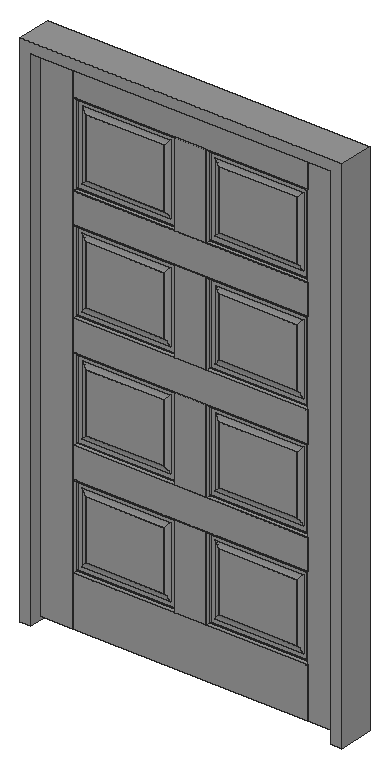
Revit family "I12008P", category Doors, host Wall, Revit 2015
Parameters (values of type "I12008P")
  Function = Interior
  Frame Projection Ext. = 25 mm
  Frame Projection Int. = 25 mm
  Frame Width = 75 mm
  Height = 2090 mm
  Wall Closure = By host
  Width = 1284 mm
Reference planes
  plane 1: y = 0
  plane 2 "Center (Left/Right)": x = 0
  plane 3 "Left": x = -642
  plane 4 "Right": x = 642
  plane 5: z = 2090
  plane 6 "Exterior": y = 75
  plane 7 "Interior": y = -75
Forms (mm)
  Sweep 1, solid, material "Lauan, Meranti"
    path origin (0, 75, 0) x (1, 0, 0) y (0, 0, 1)
      loop
        line (642, 0) -> (642, 2090) -> (-642, 2090) -> (-642, 0)
    profile "Van Acht 140x42 Pivot Door Frame Profile : Van Acht 140x42 Pivot Door Frame Profile" origin (642, 75, 1045) x (-1, 0, 0) y (0, -1, 0)
      loop
        line (0, 5) -> (42, 5) -> (42, 145) -> (0, 145) -> (0, 5)
  Extrusion 2, solid, material "Lauan, Meranti"
    sketch origin (193.5, -112.5, -4) x (0, 1, 0) y (0, 0, 1)
      loop
        line (122.5, 230) -> (122.5, 215) -> (102.5, 215) -> (102.5, 230) -> (98, 230) -> (98, 228)
        arc (98, 228) -> (93.634, 225.67) -> (92, 221) r 6.807
        line (92, 221) -> (90, 221) -> (90, 20) -> (135, 20) -> (135, 221) -> (133, 221)
        arc (133, 221) -> (131.366, 225.67) -> (127, 228) r 6.807
        line (127, 228) -> (127, 230) -> (122.5, 230)
      loop
        line (122.5, 560.5) -> (122.5, 545.5) -> (127, 545.5) -> (127, 547.5)
        arc (127, 547.5) -> (131.366, 549.83) -> (133, 554.5) r 6.807
        line (133, 554.5) -> (135, 554.5) -> (135, 676.5) -> (133, 676.5)
        arc (133, 676.5) -> (131.366, 681.17) -> (127, 683.5) r 6.807
        line (127, 683.5) -> (127, 685.5) -> (122.5, 685.5) -> (122.5, 670.5) -> (102.5, 670.5) -> (102.5, 685.5) -> (98, 685.5) -> (98, 683.5)
        arc (98, 683.5) -> (93.634, 681.17) -> (92, 676.5) r 6.807
        line (92, 676.5) -> (90, 676.5) -> (90, 554.5) -> (92, 554.5)
        arc (92, 554.5) -> (93.634, 549.83) -> (98, 547.5) r 6.807
        line (98, 547.5) -> (98, 545.5) -> (102.5, 545.5) -> (102.5, 560.5) -> (122.5, 560.5)
      loop
        line (122.5, 1927) -> (122.5, 1912) -> (127, 1912) -> (127, 1914)
        arc (127, 1914) -> (131.366, 1916.33) -> (133, 1921) r 6.807
        line (133, 1921) -> (135, 1921) -> (135, 2052) -> (90, 2052) -> (90, 1921) -> (92, 1921)
        arc (92, 1921) -> (93.634, 1916.33) -> (98, 1914) r 6.807
        line (98, 1914) -> (98, 1912) -> (102.5, 1912) -> (102.5, 1927) -> (122.5, 1927)
      loop
        line (122.5, 1016) -> (122.5, 1001) -> (127, 1001) -> (127, 1003)
        arc (127, 1003) -> (131.366, 1005.33) -> (133, 1010) r 6.807
        line (133, 1010) -> (135, 1010) -> (135, 1132) -> (133, 1132)
        arc (133, 1132) -> (131.366, 1136.67) -> (127, 1139) r 6.807
        line (127, 1139) -> (127, 1141) -> (122.5, 1141) -> (122.5, 1126) -> (102.5, 1126) -> (102.5, 1141) -> (98, 1141) -> (98, 1139)
        arc (98, 1139) -> (93.634, 1136.67) -> (92, 1132) r 6.807
        line (92, 1132) -> (90, 1132) -> (90, 1010) -> (92, 1010)
        arc (92, 1010) -> (93.634, 1005.33) -> (98, 1003) r 6.807
        line (98, 1003) -> (98, 1001) -> (102.5, 1001) -> (102.5, 1016) -> (122.5, 1016)
      loop
        line (122.5, 1471.5) -> (122.5, 1456.5) -> (127, 1456.5) -> (127, 1458.5)
        arc (127, 1458.5) -> (131.366, 1460.83) -> (133, 1465.5) r 6.807
        line (133, 1465.5) -> (135, 1465.5) -> (135, 1587.5) -> (133, 1587.5)
        arc (133, 1587.5) -> (131.366, 1592.17) -> (127, 1594.5) r 6.807
        line (127, 1594.5) -> (127, 1596.5) -> (122.5, 1596.5) -> (122.5, 1581.5) -> (102.5, 1581.5) -> (102.5, 1596.5) -> (98, 1596.5) -> (98, 1594.5)
        arc (98, 1594.5) -> (93.634, 1592.17) -> (92, 1587.5) r 6.807
        line (92, 1587.5) -> (90, 1587.5) -> (90, 1465.5) -> (92, 1465.5)
        arc (92, 1465.5) -> (93.634, 1460.83) -> (98, 1458.5) r 6.807
        line (98, 1458.5) -> (98, 1456.5) -> (102.5, 1456.5) -> (102.5, 1471.5) -> (122.5, 1471.5)
    from -662.5 to 275.5
  Extrusion 3, solid, material "Lauan, Meranti"
    sketch origin (193.5, -27.5, -4) x (1, 0, 0) y (0, 1, 0)
      loop
        line (-793.5, 50) -> (-793.5, 5) -> (-662.5, 5) -> (-662.5, 7)
        arc (-662.5, 7) -> (-657.765, 8.56) -> (-655.5, 13) r 6.549
        line (-655.5, 13) -> (-653.5, 13) -> (-653.5, 17.5) -> (-668.5, 17.5) -> (-668.5, 37.5) -> (-653.5, 37.5) -> (-653.5, 42) -> (-655.5, 42)
        arc (-655.5, 42) -> (-657.765, 46.44) -> (-662.5, 48) r 6.549
        line (-662.5, 48) -> (-662.5, 50) -> (-793.5, 50)
      loop
        line (406.5, 50) -> (275.5, 50) -> (275.5, 48)
        arc (275.5, 48) -> (270.765, 46.44) -> (268.5, 42) r 6.549
        line (268.5, 42) -> (266.5, 42) -> (266.5, 37.5) -> (281.5, 37.5) -> (281.5, 17.5) -> (266.5, 17.5) -> (266.5, 13) -> (268.5, 13)
        arc (268.5, 13) -> (270.765, 8.56) -> (275.5, 7) r 6.549
        line (275.5, 7) -> (275.5, 5) -> (406.5, 5) -> (406.5, 50)
    from 20 to 2052
  Sweep 4, solid, material "Lauan, Meranti"
    path origin (193.5, 47.5, -4) x (1, 0, 0) y (0, 0, 1)
      loop
        line (275.5, 1921) -> (-132.5, 1921) -> (-132.5, 1587.5) -> (275.5, 1587.5) -> (275.5, 1921)
    profile origin (265, 47.5, 1917) x (0, 0, -1) y (0, -1, 0)
      loop
        line (-4.5, 57.5) -> (-4.5, 37.5) -> (25.727, 37.5)
        arc (25.727, 37.5) -> (37.468, 35.847) -> (48.5, 31.5) r 50.456
        line (48.5, 31.5) -> (48.5, 63.5)
        arc (48.5, 63.5) -> (37.468, 59.153) -> (25.727, 57.5) r 50.456
        line (25.727, 57.5) -> (-4.5, 57.5)
  Extrusion 5, solid, material "Lauan, Meranti"
    sketch origin (193.5, 47.5, 711) x (1, 0, 0) y (0, 0, 1)
      loop
        line (227, 1157.5) -> (-84, 1157.5) -> (-84, 921) -> (227, 921) -> (227, 1157.5)
    from 31.5 to 63.5
  Extrusion 6, solid, material "Lauan, Meranti"
    sketch origin (0, 0, 0) x (1, 0, 0) y (0, 1, 0)
      loop
        arc (61, -20.5) -> (65.735, -18.94) -> (68, -14.5) r 6.549
        line (68, -14.5) -> (70, -14.5) -> (70, -10) -> (55, -10) -> (55, 10) -> (70, 10) -> (70, 14.5) -> (68, 14.5)
        arc (68, 14.5) -> (65.735, 18.94) -> (61, 20.5) r 6.549
        line (61, 20.5) -> (61, 22.5) -> (-61, 22.5) -> (-61, 20.5)
        arc (-61, 20.5) -> (-65.735, 18.94) -> (-68, 14.5) r 6.549
        line (-68, 14.5) -> (-70, 14.5) -> (-70, 10) -> (-55, 10) -> (-55, -10) -> (-70, -10) -> (-70, -14.5) -> (-68, -14.5)
        arc (-68, -14.5) -> (-65.735, -18.94) -> (-61, -20.5) r 6.549
        line (-61, -20.5) -> (-61, -22.5) -> (61, -22.5) -> (61, -20.5)
    from 217 to 550.5
  Extrusion 7, solid, material "Lauan, Meranti"
    sketch origin (0, 0, 455.5) x (1, 0, 0) y (0, 1, 0)
      loop
        arc (61, -20.5) -> (65.735, -18.94) -> (68, -14.5) r 6.549
        line (68, -14.5) -> (70, -14.5) -> (70, -10) -> (55, -10) -> (55, 10) -> (70, 10) -> (70, 14.5) -> (68, 14.5)
        arc (68, 14.5) -> (65.735, 18.94) -> (61, 20.5) r 6.549
        line (61, 20.5) -> (61, 22.5) -> (-61, 22.5) -> (-61, 20.5)
        arc (-61, 20.5) -> (-65.735, 18.94) -> (-68, 14.5) r 6.549
        line (-68, 14.5) -> (-70, 14.5) -> (-70, 10) -> (-55, 10) -> (-55, -10) -> (-70, -10) -> (-70, -14.5) -> (-68, -14.5)
        arc (-68, -14.5) -> (-65.735, -18.94) -> (-61, -20.5) r 6.549
        line (-61, -20.5) -> (-61, -22.5) -> (61, -22.5) -> (61, -20.5)
    from 217 to 550.5
  Extrusion 8, solid, material "Lauan, Meranti"
    sketch origin (0, 0, 911) x (1, 0, 0) y (0, 1, 0)
      loop
        arc (61, -20.5) -> (65.735, -18.94) -> (68, -14.5) r 6.549
        line (68, -14.5) -> (70, -14.5) -> (70, -10) -> (55, -10) -> (55, 10) -> (70, 10) -> (70, 14.5) -> (68, 14.5)
        arc (68, 14.5) -> (65.735, 18.94) -> (61, 20.5) r 6.549
        line (61, 20.5) -> (61, 22.5) -> (-61, 22.5) -> (-61, 20.5)
        arc (-61, 20.5) -> (-65.735, 18.94) -> (-68, 14.5) r 6.549
        line (-68, 14.5) -> (-70, 14.5) -> (-70, 10) -> (-55, 10) -> (-55, -10) -> (-70, -10) -> (-70, -14.5) -> (-68, -14.5)
        arc (-68, -14.5) -> (-65.735, -18.94) -> (-61, -20.5) r 6.549
        line (-61, -20.5) -> (-61, -22.5) -> (61, -22.5) -> (61, -20.5)
    from 217 to 550.5
  Extrusion 9, solid, material "Lauan, Meranti"
    sketch origin (0, 0, 1366.5) x (1, 0, 0) y (0, 1, 0)
      loop
        arc (61, -20.5) -> (65.735, -18.94) -> (68, -14.5) r 6.549
        line (68, -14.5) -> (70, -14.5) -> (70, -10) -> (55, -10) -> (55, 10) -> (70, 10) -> (70, 14.5) -> (68, 14.5)
        arc (68, 14.5) -> (65.735, 18.94) -> (61, 20.5) r 6.549
        line (61, 20.5) -> (61, 22.5) -> (-61, 22.5) -> (-61, 20.5)
        arc (-61, 20.5) -> (-65.735, 18.94) -> (-68, 14.5) r 6.549
        line (-68, 14.5) -> (-70, 14.5) -> (-70, 10) -> (-55, 10) -> (-55, -10) -> (-70, -10) -> (-70, -14.5) -> (-68, -14.5)
        arc (-68, -14.5) -> (-65.735, -18.94) -> (-61, -20.5) r 6.549
        line (-61, -20.5) -> (-61, -22.5) -> (61, -22.5) -> (61, -20.5)
    from 217 to 550.5
  Sweep 10, solid, material "Lauan, Meranti"
    path origin (-336.5, 47.5, -4) x (1, 0, 0) y (0, 0, 1)
      loop
        line (275.5, 1921) -> (-132.5, 1921) -> (-132.5, 1587.5) -> (275.5, 1587.5) -> (275.5, 1921)
    profile origin (-265, 47.5, 1917) x (0, 0, -1) y (0, -1, 0)
      loop
        line (-4.5, 57.5) -> (-4.5, 37.5) -> (25.727, 37.5)
        arc (25.727, 37.5) -> (37.468, 35.847) -> (48.5, 31.5) r 50.456
        line (48.5, 31.5) -> (48.5, 63.5)
        arc (48.5, 63.5) -> (37.468, 59.153) -> (25.727, 57.5) r 50.456
        line (25.727, 57.5) -> (-4.5, 57.5)
  Extrusion 11, solid, material "Lauan, Meranti"
    sketch origin (-336.5, 47.5, 711) x (1, 0, 0) y (0, 0, 1)
      loop
        line (227, 1157.5) -> (-84, 1157.5) -> (-84, 921) -> (227, 921) -> (227, 1157.5)
    from 31.5 to 63.5
  Sweep 12, solid, material "Lauan, Meranti"
    path origin (193.5, 47.5, -459.5) x (1, 0, 0) y (0, 0, 1)
      loop
        line (275.5, 1921) -> (-132.5, 1921) -> (-132.5, 1587.5) -> (275.5, 1587.5) -> (275.5, 1921)
    profile origin (265, 47.5, 1461.5) x (0, 0, -1) y (0, -1, 0)
      loop
        line (-4.5, 57.5) -> (-4.5, 37.5) -> (25.727, 37.5)
        arc (25.727, 37.5) -> (37.468, 35.847) -> (48.5, 31.5) r 50.456
        line (48.5, 31.5) -> (48.5, 63.5)
        arc (48.5, 63.5) -> (37.468, 59.153) -> (25.727, 57.5) r 50.456
        line (25.727, 57.5) -> (-4.5, 57.5)
  Extrusion 13, solid, material "Lauan, Meranti"
    sketch origin (193.5, 47.5, 255.5) x (1, 0, 0) y (0, 0, 1)
      loop
        line (227, 1157.5) -> (-84, 1157.5) -> (-84, 921) -> (227, 921) -> (227, 1157.5)
    from 31.5 to 63.5
  Sweep 14, solid, material "Lauan, Meranti"
    path origin (-336.5, 47.5, -459.5) x (1, 0, 0) y (0, 0, 1)
      loop
        line (275.5, 1921) -> (-132.5, 1921) -> (-132.5, 1587.5) -> (275.5, 1587.5) -> (275.5, 1921)
    profile origin (-265, 47.5, 1461.5) x (0, 0, -1) y (0, -1, 0)
      loop
        line (-4.5, 57.5) -> (-4.5, 37.5) -> (25.727, 37.5)
        arc (25.727, 37.5) -> (37.468, 35.847) -> (48.5, 31.5) r 50.456
        line (48.5, 31.5) -> (48.5, 63.5)
        arc (48.5, 63.5) -> (37.468, 59.153) -> (25.727, 57.5) r 50.456
        line (25.727, 57.5) -> (-4.5, 57.5)
  Extrusion 15, solid, material "Lauan, Meranti"
    sketch origin (-336.5, 47.5, 255.5) x (1, 0, 0) y (0, 0, 1)
      loop
        line (227, 1157.5) -> (-84, 1157.5) -> (-84, 921) -> (227, 921) -> (227, 1157.5)
    from 31.5 to 63.5
  Sweep 16, solid, material "Lauan, Meranti"
    path origin (-336.5, 47.5, -915) x (1, 0, 0) y (0, 0, 1)
      loop
        line (275.5, 1921) -> (-132.5, 1921) -> (-132.5, 1587.5) -> (275.5, 1587.5) -> (275.5, 1921)
    profile origin (-265, 47.5, 1006) x (0, 0, -1) y (0, -1, 0)
      loop
        line (-4.5, 57.5) -> (-4.5, 37.5) -> (25.727, 37.5)
        arc (25.727, 37.5) -> (37.468, 35.847) -> (48.5, 31.5) r 50.456
        line (48.5, 31.5) -> (48.5, 63.5)
        arc (48.5, 63.5) -> (37.468, 59.153) -> (25.727, 57.5) r 50.456
        line (25.727, 57.5) -> (-4.5, 57.5)
  Extrusion 17, solid, material "Lauan, Meranti"
    sketch origin (-336.5, 47.5, -200) x (1, 0, 0) y (0, 0, 1)
      loop
        line (227, 1157.5) -> (-84, 1157.5) -> (-84, 921) -> (227, 921) -> (227, 1157.5)
    from 31.5 to 63.5
  Sweep 18, solid, material "Lauan, Meranti"
    path origin (193.5, 47.5, -915) x (1, 0, 0) y (0, 0, 1)
      loop
        line (275.5, 1921) -> (-132.5, 1921) -> (-132.5, 1587.5) -> (275.5, 1587.5) -> (275.5, 1921)
    profile origin (265, 47.5, 1006) x (0, 0, -1) y (0, -1, 0)
      loop
        line (-4.5, 57.5) -> (-4.5, 37.5) -> (25.727, 37.5)
        arc (25.727, 37.5) -> (37.468, 35.847) -> (48.5, 31.5) r 50.456
        line (48.5, 31.5) -> (48.5, 63.5)
        arc (48.5, 63.5) -> (37.468, 59.153) -> (25.727, 57.5) r 50.456
        line (25.727, 57.5) -> (-4.5, 57.5)
  Extrusion 19, solid, material "Lauan, Meranti"
    sketch origin (193.5, 47.5, -200) x (1, 0, 0) y (0, 0, 1)
      loop
        line (227, 1157.5) -> (-84, 1157.5) -> (-84, 921) -> (227, 921) -> (227, 1157.5)
    from 31.5 to 63.5
  Sweep 20, solid, material "Lauan, Meranti"
    path origin (193.5, 47.5, -1370.5) x (1, 0, 0) y (0, 0, 1)
      loop
        line (275.5, 1921) -> (-132.5, 1921) -> (-132.5, 1587.5) -> (275.5, 1587.5) -> (275.5, 1921)
    profile origin (265, 47.5, 550.5) x (0, 0, -1) y (0, -1, 0)
      loop
        line (-4.5, 57.5) -> (-4.5, 37.5) -> (25.727, 37.5)
        arc (25.727, 37.5) -> (37.468, 35.847) -> (48.5, 31.5) r 50.456
        line (48.5, 31.5) -> (48.5, 63.5)
        arc (48.5, 63.5) -> (37.468, 59.153) -> (25.727, 57.5) r 50.456
        line (25.727, 57.5) -> (-4.5, 57.5)
  Extrusion 21, solid, material "Lauan, Meranti"
    sketch origin (193.5, 47.5, -655.5) x (1, 0, 0) y (0, 0, 1)
      loop
        line (227, 1157.5) -> (-84, 1157.5) -> (-84, 921) -> (227, 921) -> (227, 1157.5)
    from 31.5 to 63.5
  Sweep 22, solid, material "Lauan, Meranti"
    path origin (-336.5, 47.5, -1370.5) x (1, 0, 0) y (0, 0, 1)
      loop
        line (275.5, 1921) -> (-132.5, 1921) -> (-132.5, 1587.5) -> (275.5, 1587.5) -> (275.5, 1921)
    profile origin (-265, 47.5, 550.5) x (0, 0, -1) y (0, -1, 0)
      loop
        line (-4.5, 57.5) -> (-4.5, 37.5) -> (25.727, 37.5)
        arc (25.727, 37.5) -> (37.468, 35.847) -> (48.5, 31.5) r 50.456
        line (48.5, 31.5) -> (48.5, 63.5)
        arc (48.5, 63.5) -> (37.468, 59.153) -> (25.727, 57.5) r 50.456
        line (25.727, 57.5) -> (-4.5, 57.5)
  Extrusion 23, solid, material "Lauan, Meranti"
    sketch origin (-336.5, 47.5, -655.5) x (1, 0, 0) y (0, 0, 1)
      loop
        line (227, 1157.5) -> (-84, 1157.5) -> (-84, 921) -> (227, 921) -> (227, 1157.5)
    from 31.5 to 63.5
Lines and regions (mm)
  Opening 1
    outline origin (-3050, -75, 0) x (1, 0, 0) y (0, 0, 1)
      loop
        line (2408, 0) -> (3692, 0) -> (3692, 2090) -> (2408, 2090) -> (2408, 0)
  symbolic lines, style "Elevation Swing"
    curve 1: line (642, -75, 1045) -> (-300, -75, 2048)
    curve 2: line (642, -75, 1045) -> (-300, -75, 0)
    curve 3: line (-600, -75, 1045) -> (-300, -75, 2048)
    curve 4: line (-600, -75, 1045) -> (-300, -75, 0)
  model lines
    curve 5: line (-600, 22.5, 0) -> (600, 22.5, 0)
    curve 6: line (-600, -22.5, 0) -> (600, -22.5, 0)
    curve 7: line (-300, 22.5, 0) -> (-300, 922.5, 0)
    curve 8: arc (600, 22.5, 0) -> (336.396, 658.896, 0) -> (-300, 922.5, 0) r 900
    curve 9: line (-300, -22.5, 0) -> (-300, -322.5, 0)
    curve 10: arc (-300, -322.5, 0) -> (-512.132, -234.632, 0) -> (-600, -22.5, 0) r 300
  model lines, style "Elevation Swing"
    curve 11: line (-300, 0, 0) -> (-300, 0, 2048)
Text (mm)
  text "Exterior" at (-2295.016, 1099.543, 0), in view "Ref. Level"
  text "Exterior" at (0, 1615.38, 3698.081), in view "Left"
  text "Exterior" at (0, 1036.032, 3874.932), in view "Right"
Dimensions and locks
  equal spacing: plane 3 "Left", plane 2 "Center (Left/Right)", plane 4 "Right"
  "Width": plane 3 "Left" to plane 4 "Right"
  "Height": plane 5 to host wall
  equal spacing: host wall, curve 2, plane 5
  host wall to plane 5 = 2090 mm
  locked: plane 6 "Exterior" to host wall at 0
  locked: plane 7 "Interior" to host wall
  aligned and locked: plane 3 "Left" to Opening 1 sketch curve
  aligned and locked: plane 5 to Opening 1 sketch curve  (x2)
  aligned and locked: Opening 1 sketch curve to plane 4 "Right"
  aligned and locked: Opening 1 sketch curve to level
  aligned and locked: plane 1 to host wall
Automatic sketch dimensions
  curve 11 to level = 0 mm
  curve 2 to level = 0 mm
  plane 4 "Right" to curve 2 = 0 mm
  plane 5 to curve 11 = 42 mm
  curve 1 to curve 11 = 0 mm  (x2)
  curve 11 to plane 2 "Center (Left/Right)" = 300 mm
  curve 2 to curve 11 = 0 mm
  plane 3 "Left" to Sweep 1 sketch curve = 0 mm
  plane 4 "Right" to Sweep 1 sketch curve = 0 mm
  Sweep 1 sketch curve to level = 0 mm  (x2)
  Sweep 1 sketch curve to plane 5 = 0 mm
  curve 4 to level = 0 mm
  curve 4 to plane 3 "Left" = 42 mm
  level to curve 4 = 1045 mm
  curve 4 to plane 2 "Center (Left/Right)" = 300 mm
  plane 5 to curve 3 = 42 mm
  curve 3 to plane 2 "Center (Left/Right)" = 300 mm
  curve 6 to plane 3 "Left" = 42 mm
  curve 7 to plane 2 "Center (Left/Right)" = 300 mm
  curve 10 to curve 8 = 0 mm
  plane 4 "Right" to curve 5 = 42 mm
  host wall to curve 9 = 247.5 mm
  curve 5 to host wall = 22.5 mm
  curve 5 to plane 3 "Left" = 42 mm
  plane 4 "Right" to curve 6 = 42 mm
  host wall to Extrusion 2 sketch curve = 22.5 mm  (x5)
  Extrusion 2 sketch curve to Extrusion 2 sketch curve = 2 mm  (x28)
  Extrusion 2 sketch curve to Extrusion 2 sketch curve = 6 mm  (x16)
  Extrusion 2 sketch curve to Extrusion 2 sketch curve = 0.803 mm  (x8)
  Extrusion 2 sketch curve to Extrusion 2 sketch curve = 4.5 mm  (x14)
  Extrusion 2 sketch curve to Extrusion 2 sketch curve = 3.697 mm  (x10)
  Extrusion 2 sketch curve to host wall = 10 mm  (x8)
  Extrusion 2 sketch curve to Extrusion 2 sketch curve = 6.803 mm  (x8)
  Extrusion 2 sketch curve to host wall = 22.5 mm
  level to Extrusion 2 sketch curve = 16 mm
  Extrusion 2 sketch curve to Extrusion 2 sketch curve = 195 mm
  Extrusion 2 sketch curve to Extrusion 2 sketch curve = 0.241 mm  (x8)
  Extrusion 2 sketch curve to Extrusion 2 sketch curve = 315.5 mm  (x3)
  Extrusion 2 sketch curve to Extrusion 2 sketch curve = 0 mm  (x4)
  Extrusion 2 sketch curve to Extrusion 2 sketch curve = 6.759 mm  (x8)
  Extrusion 2 sketch curve to Extrusion 2 sketch curve = 6.241 mm  (x4)
  Extrusion 2 sketch curve to Extrusion 2 sketch curve = 110 mm  (x3)
  plane 5 to Extrusion 2 sketch curve = 182 mm
  plane 5 to Extrusion 2 sketch curve = 42 mm
  Extrusion 3 sketch curve to plane 3 "Left" = 42 mm
  host wall to Extrusion 3 sketch curve = 10 mm  (x2)
  Extrusion 3 sketch curve to Extrusion 3 sketch curve = 125 mm
  Extrusion 3 sketch curve to Extrusion 3 sketch curve = 6 mm  (x2)
  Extrusion 3 sketch curve to Extrusion 3 sketch curve = 0.473 mm  (x4)
  Extrusion 3 sketch curve to Extrusion 3 sketch curve = 6.527 mm  (x4)
  Extrusion 3 sketch curve to Extrusion 3 sketch curve = 2 mm  (x8)
  Extrusion 3 sketch curve to host wall = 14.5 mm
  plane 4 "Right" to Extrusion 3 sketch curve = 182 mm
  Extrusion 3 sketch curve to Extrusion 3 sketch curve = 0 mm
  Extrusion 3 sketch curve to Extrusion 3 sketch curve = 6.473 mm
  plane 4 "Right" to Extrusion 3 sketch curve = 42 mm
  Extrusion 3 sketch curve to Extrusion 3 sketch curve = 3.968 mm  (x3)
  Extrusion 3 sketch curve to Extrusion 3 sketch curve = 4.5 mm  (x3)
  Extrusion 3 sketch curve to host wall = 10 mm  (x2)
  Extrusion 3 sketch curve to Extrusion 3 sketch curve = 0.532 mm
  plane 2 "Center (Left/Right)" to Sweep 4 sketch curve = 61 mm
  plane 4 "Right" to Sweep 4 sketch curve = 173 mm
  plane 5 to Sweep 4 sketch curve = 506.5 mm
  plane 5 to Sweep 4 sketch curve = 173 mm
  profile plane to Sweep 4 sketch curve = 4.5 mm
  Sweep 4 sketch curve to profile plane = 24.613 mm  (x2)
  Sweep 4 sketch curve to profile plane = 25.727 mm
  Sweep 4 sketch curve to Sweep 4 sketch curve = 0 mm
  Sweep 4 sketch curve to Sweep 4 sketch curve = 22.773 mm
  Sweep 4 sketch curve to profile plane = 12.944 mm
  profile plane to Sweep 4 sketch curve = 31.5 mm
  Sweep 4 sketch curve to Sweep 4 sketch curve = 20 mm
  Sweep 4 sketch curve to Sweep 4 sketch curve = 6 mm
  plane 2 "Center (Left/Right)" to Extrusion 5 sketch curve = 109.5 mm
  plane 4 "Right" to Extrusion 5 sketch curve = 221.5 mm
  plane 5 to Extrusion 5 sketch curve = 458 mm
  plane 5 to Extrusion 5 sketch curve = 221.5 mm
  host wall to Extrusion 6 sketch curve = 10 mm  (x2)
  Extrusion 6 sketch curve to plane 2 "Center (Left/Right)" = 70 mm
  Extrusion 6 sketch curve to host wall = 10 mm  (x2)
  Extrusion 6 sketch curve to Extrusion 6 sketch curve = 0 mm
  Extrusion 6 sketch curve to Extrusion 6 sketch curve = 2 mm  (x6)
  Extrusion 6 sketch curve to Extrusion 6 sketch curve = 6.527 mm  (x4)
  Extrusion 6 sketch curve to Extrusion 6 sketch curve = 0.473 mm  (x4)
  Extrusion 6 sketch curve to Extrusion 6 sketch curve = 6.473 mm
  plane 2 "Center (Left/Right)" to Extrusion 6 sketch curve = 55 mm
  Extrusion 6 sketch curve to Extrusion 6 sketch curve = 6 mm  (x2)
  Extrusion 6 sketch curve to Extrusion 6 sketch curve = 3.968 mm  (x4)
  Extrusion 6 sketch curve to Extrusion 6 sketch curve = 4.5 mm  (x4)
  host wall to Extrusion 7 sketch curve = 10 mm  (x2)
  Extrusion 7 sketch curve to plane 2 "Center (Left/Right)" = 70 mm
  Extrusion 7 sketch curve to host wall = 10 mm  (x2)
  Extrusion 7 sketch curve to Extrusion 7 sketch curve = 0 mm
  Extrusion 7 sketch curve to Extrusion 7 sketch curve = 2 mm  (x6)
  Extrusion 7 sketch curve to Extrusion 7 sketch curve = 6.527 mm  (x4)
  Extrusion 7 sketch curve to Extrusion 7 sketch curve = 0.473 mm  (x4)
  Extrusion 7 sketch curve to Extrusion 7 sketch curve = 6.473 mm
  plane 2 "Center (Left/Right)" to Extrusion 7 sketch curve = 55 mm
  Extrusion 7 sketch curve to Extrusion 7 sketch curve = 6 mm  (x2)
  Extrusion 7 sketch curve to Extrusion 7 sketch curve = 3.968 mm  (x4)
  Extrusion 7 sketch curve to Extrusion 7 sketch curve = 4.5 mm  (x4)
  host wall to Extrusion 8 sketch curve = 10 mm  (x2)
  Extrusion 8 sketch curve to plane 2 "Center (Left/Right)" = 70 mm
  Extrusion 8 sketch curve to host wall = 10 mm  (x2)
  Extrusion 8 sketch curve to Extrusion 8 sketch curve = 0 mm
  Extrusion 8 sketch curve to Extrusion 8 sketch curve = 2 mm  (x6)
  Extrusion 8 sketch curve to Extrusion 8 sketch curve = 6.527 mm  (x4)
  Extrusion 8 sketch curve to Extrusion 8 sketch curve = 0.473 mm  (x4)
  Extrusion 8 sketch curve to Extrusion 8 sketch curve = 6.473 mm
  plane 2 "Center (Left/Right)" to Extrusion 8 sketch curve = 55 mm
  Extrusion 8 sketch curve to Extrusion 8 sketch curve = 6 mm  (x2)
  Extrusion 8 sketch curve to Extrusion 8 sketch curve = 3.968 mm  (x4)
  Extrusion 8 sketch curve to Extrusion 8 sketch curve = 4.5 mm  (x4)
  host wall to Extrusion 9 sketch curve = 10 mm  (x2)
  Extrusion 9 sketch curve to plane 2 "Center (Left/Right)" = 70 mm
  Extrusion 9 sketch curve to host wall = 10 mm  (x2)
  Extrusion 9 sketch curve to Extrusion 9 sketch curve = 0 mm
  Extrusion 9 sketch curve to Extrusion 9 sketch curve = 2 mm  (x6)
  Extrusion 9 sketch curve to Extrusion 9 sketch curve = 6.527 mm  (x4)
  Extrusion 9 sketch curve to Extrusion 9 sketch curve = 0.473 mm  (x4)
  Extrusion 9 sketch curve to Extrusion 9 sketch curve = 6.473 mm
  plane 2 "Center (Left/Right)" to Extrusion 9 sketch curve = 55 mm
  Extrusion 9 sketch curve to Extrusion 9 sketch curve = 6 mm  (x2)
  Extrusion 9 sketch curve to Extrusion 9 sketch curve = 3.968 mm  (x4)
  Extrusion 9 sketch curve to Extrusion 9 sketch curve = 4.5 mm  (x4)
  Sweep 10 sketch curve to plane 3 "Left" = 173 mm
  Sweep 10 sketch curve to plane 2 "Center (Left/Right)" = 61 mm
  plane 5 to Sweep 10 sketch curve = 506.5 mm
  plane 5 to Sweep 10 sketch curve = 173 mm
  profile plane to Sweep 10 sketch curve = 4.5 mm
  Sweep 10 sketch curve to profile plane = 24.613 mm  (x2)
  Sweep 10 sketch curve to profile plane = 25.727 mm
  Sweep 10 sketch curve to Sweep 10 sketch curve = 0 mm
  Sweep 10 sketch curve to Sweep 10 sketch curve = 22.773 mm
  Sweep 10 sketch curve to profile plane = 12.944 mm
  profile plane to Sweep 10 sketch curve = 31.5 mm
  Sweep 10 sketch curve to Sweep 10 sketch curve = 20 mm
  Sweep 10 sketch curve to Sweep 10 sketch curve = 6 mm
  Extrusion 11 sketch curve to plane 3 "Left" = 221.5 mm
  Extrusion 11 sketch curve to plane 2 "Center (Left/Right)" = 109.5 mm
  plane 5 to Extrusion 11 sketch curve = 458 mm
  plane 5 to Extrusion 11 sketch curve = 221.5 mm
  plane 2 "Center (Left/Right)" to Sweep 12 sketch curve = 61 mm
  plane 4 "Right" to Sweep 12 sketch curve = 173 mm
  plane 5 to Sweep 12 sketch curve = 962 mm
  Sweep 12 sketch curve to Sweep 12 sketch curve = 333.5 mm
  profile plane to Sweep 12 sketch curve = 4.5 mm
  Sweep 12 sketch curve to profile plane = 24.613 mm  (x2)
  Sweep 12 sketch curve to profile plane = 25.727 mm
  Sweep 12 sketch curve to Sweep 12 sketch curve = 0 mm
  Sweep 12 sketch curve to Sweep 12 sketch curve = 22.773 mm
  Sweep 12 sketch curve to profile plane = 12.944 mm
  profile plane to Sweep 12 sketch curve = 31.5 mm
  Sweep 12 sketch curve to Sweep 12 sketch curve = 20 mm
  Sweep 12 sketch curve to Sweep 12 sketch curve = 6 mm
  plane 2 "Center (Left/Right)" to Extrusion 13 sketch curve = 109.5 mm
  plane 4 "Right" to Extrusion 13 sketch curve = 221.5 mm
  plane 5 to Extrusion 13 sketch curve = 913.5 mm
  Extrusion 13 sketch curve to Extrusion 13 sketch curve = 236.5 mm
  Sweep 14 sketch curve to plane 3 "Left" = 173 mm
  Sweep 14 sketch curve to plane 2 "Center (Left/Right)" = 61 mm
  plane 5 to Sweep 14 sketch curve = 962 mm
  Sweep 14 sketch curve to Sweep 14 sketch curve = 333.5 mm
  profile plane to Sweep 14 sketch curve = 4.5 mm
  Sweep 14 sketch curve to profile plane = 24.613 mm  (x2)
  Sweep 14 sketch curve to profile plane = 25.727 mm
  Sweep 14 sketch curve to Sweep 14 sketch curve = 0 mm
  Sweep 14 sketch curve to Sweep 14 sketch curve = 22.773 mm
  Sweep 14 sketch curve to profile plane = 12.944 mm
  profile plane to Sweep 14 sketch curve = 31.5 mm
  Sweep 14 sketch curve to Sweep 14 sketch curve = 20 mm
  Sweep 14 sketch curve to Sweep 14 sketch curve = 6 mm
  Extrusion 15 sketch curve to plane 3 "Left" = 221.5 mm
  Extrusion 15 sketch curve to plane 2 "Center (Left/Right)" = 109.5 mm
  plane 5 to Extrusion 15 sketch curve = 913.5 mm
  Extrusion 15 sketch curve to Extrusion 15 sketch curve = 236.5 mm
  Sweep 16 sketch curve to plane 3 "Left" = 173 mm
  Sweep 16 sketch curve to plane 2 "Center (Left/Right)" = 61 mm
  level to Sweep 16 sketch curve = 672.5 mm
  Sweep 16 sketch curve to Sweep 16 sketch curve = 333.5 mm
  profile plane to Sweep 16 sketch curve = 4.5 mm
  Sweep 16 sketch curve to profile plane = 24.613 mm  (x2)
  Sweep 16 sketch curve to profile plane = 25.727 mm
  Sweep 16 sketch curve to Sweep 16 sketch curve = 0 mm
  Sweep 16 sketch curve to Sweep 16 sketch curve = 22.773 mm
  Sweep 16 sketch curve to profile plane = 12.944 mm
  profile plane to Sweep 16 sketch curve = 31.5 mm
  Sweep 16 sketch curve to Sweep 16 sketch curve = 20 mm
  Sweep 16 sketch curve to Sweep 16 sketch curve = 6 mm
  Extrusion 17 sketch curve to plane 3 "Left" = 221.5 mm
  Extrusion 17 sketch curve to plane 2 "Center (Left/Right)" = 109.5 mm
  level to Extrusion 17 sketch curve = 721 mm
  Extrusion 17 sketch curve to Extrusion 17 sketch curve = 236.5 mm
  plane 2 "Center (Left/Right)" to Sweep 18 sketch curve = 61 mm
  plane 4 "Right" to Sweep 18 sketch curve = 173 mm
  level to Sweep 18 sketch curve = 672.5 mm
  Sweep 18 sketch curve to Sweep 18 sketch curve = 333.5 mm
  profile plane to Sweep 18 sketch curve = 4.5 mm
  Sweep 18 sketch curve to profile plane = 24.613 mm  (x2)
  Sweep 18 sketch curve to profile plane = 25.727 mm
  Sweep 18 sketch curve to Sweep 18 sketch curve = 0 mm
  Sweep 18 sketch curve to Sweep 18 sketch curve = 22.773 mm
  Sweep 18 sketch curve to profile plane = 12.944 mm
  profile plane to Sweep 18 sketch curve = 31.5 mm
  Sweep 18 sketch curve to Sweep 18 sketch curve = 20 mm
  Sweep 18 sketch curve to Sweep 18 sketch curve = 6 mm
  plane 2 "Center (Left/Right)" to Extrusion 19 sketch curve = 109.5 mm
  plane 4 "Right" to Extrusion 19 sketch curve = 221.5 mm
  level to Extrusion 19 sketch curve = 721 mm
  Extrusion 19 sketch curve to Extrusion 19 sketch curve = 236.5 mm
  plane 2 "Center (Left/Right)" to Sweep 20 sketch curve = 61 mm
  plane 4 "Right" to Sweep 20 sketch curve = 173 mm
  level to Sweep 20 sketch curve = 217 mm
  Sweep 20 sketch curve to Sweep 20 sketch curve = 333.5 mm
  profile plane to Sweep 20 sketch curve = 4.5 mm
  Sweep 20 sketch curve to profile plane = 24.613 mm  (x2)
  Sweep 20 sketch curve to profile plane = 25.727 mm
  Sweep 20 sketch curve to Sweep 20 sketch curve = 0 mm
  Sweep 20 sketch curve to Sweep 20 sketch curve = 22.773 mm
  Sweep 20 sketch curve to profile plane = 12.944 mm
  profile plane to Sweep 20 sketch curve = 31.5 mm
  Sweep 20 sketch curve to Sweep 20 sketch curve = 20 mm
  Sweep 20 sketch curve to Sweep 20 sketch curve = 6 mm
  plane 2 "Center (Left/Right)" to Extrusion 21 sketch curve = 109.5 mm
  plane 4 "Right" to Extrusion 21 sketch curve = 221.5 mm
  level to Extrusion 21 sketch curve = 265.5 mm
  Extrusion 21 sketch curve to Extrusion 21 sketch curve = 236.5 mm
  Sweep 22 sketch curve to plane 3 "Left" = 173 mm
  Sweep 22 sketch curve to plane 2 "Center (Left/Right)" = 61 mm
  level to Sweep 22 sketch curve = 217 mm
  Sweep 22 sketch curve to Sweep 22 sketch curve = 333.5 mm
  profile plane to Sweep 22 sketch curve = 4.5 mm
  Sweep 22 sketch curve to profile plane = 24.613 mm  (x2)
  Sweep 22 sketch curve to profile plane = 25.727 mm
  Sweep 22 sketch curve to Sweep 22 sketch curve = 0 mm
  Sweep 22 sketch curve to Sweep 22 sketch curve = 22.773 mm
  Sweep 22 sketch curve to profile plane = 12.944 mm
  profile plane to Sweep 22 sketch curve = 31.5 mm
  Sweep 22 sketch curve to Sweep 22 sketch curve = 20 mm
  Sweep 22 sketch curve to Sweep 22 sketch curve = 6 mm
  Extrusion 23 sketch curve to plane 3 "Left" = 221.5 mm
  Extrusion 23 sketch curve to plane 2 "Center (Left/Right)" = 109.5 mm
  level to Extrusion 23 sketch curve = 265.5 mm
  Extrusion 23 sketch curve to Extrusion 23 sketch curve = 236.5 mm
